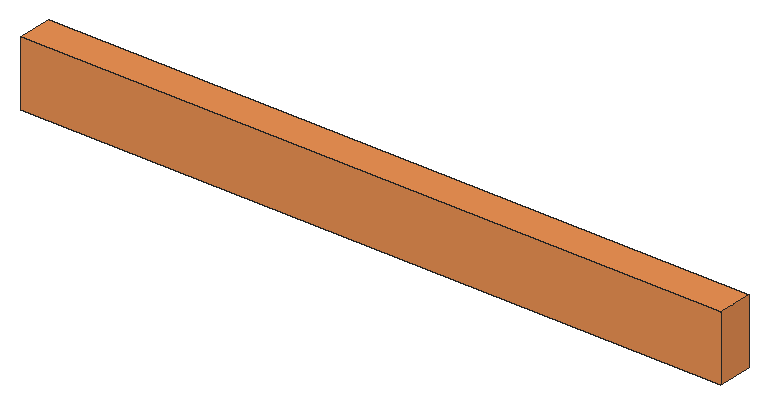
Revit family "BUS_Straight Length 1600A", category Electrical Equipment, Revit 2025
Family settings
  Panel Configuration = Two Columns, Circuits Across
  Round Connector Dimension = Use Diameter
  Part Type = Panelboard
  OmniClass Number = 23.80.30.11.17
  OmniClass Title = Distribution Boards and Control Panels
  Work Plane-Based = No
  Always vertical = Yes
  Cut with Voids When Loaded = No
  Maintain Annotation Orientation = No
  Shared = No
  Room Calculation Point = No
Parameters (values of type "1600A Cu 4P+PE")
  built-in parameter 1140142 [instance] = -1
  Section Length [instance] = 3000 mm
  built-in parameter 1140140 [instance] = 1 (stored number, unit not read)
  built-in parameter 1155100 [instance] = -1
  Default Elevation = 0 mm
Reference planes
  plane 1 "Center (Front/Back)": y = 0
  plane 2: z = 0
  plane 3 "Center (Left/Right)": x = 0
Forms (mm)
  Extrusion 1, solid, material "Busduct 1600A"
    sketch origin (0, 0, 0) x (0, 1, 0) y (0, 0, 1)
      loop
        line (-75, -140) -> (75, -140) -> (75, 140) -> (-75, 140) -> (-75, -140)
    from 0 to 3000 <- "Section Length"
Dimensions and locks
  aligned and locked: level to plane 2
